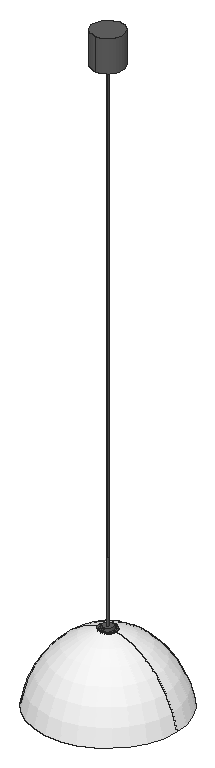
Revit family "Justerbar Lab Pendle_Bole_Moon", category Lighting Fixtures, Revit 2021
Family settings
  Round Connector Dimension = Use Diameter
  Part Type = Normal
  OmniClass Number = 23.80.70.00
  OmniClass Title = Lighting
  Work Plane-Based = No
  Always vertical = Yes
  Cut with Voids When Loaded = No
  Light Source = Yes
  Shared = No
  Room Calculation Point = No
Parameters
  Wattage = 9.2903 W
  built-in parameter 1150110 = 1 (stored number, unit not read)
  built-in parameter 1114217 = 1 (stored number, unit not read)
  built-in parameter 1150109 = 1 (stored number, unit not read)
  built-in parameter 1150134 = (empty or 0)
  Spredning = "120"
  Pendle Wire = 3360 mm
  Offset from floor [instance] = 955.907 mm
  MacAdams = "< 3 SCDM"
  Lyskilde = "LED"
  Lumen = "660lm"
  Levetid = "L70 50.000 timer"
  Level Heigth [instance] = 3000 mm
  Kjøle metode = "Passiv"
  Frekvens Sekundærkilde = "> 1000 Hz"
  Frekvens = "50-60 Hz"
  Floor thickness [instance] = 300 mm
  Fargetemperatur = "2700K, 3000K,eller DW"
  Farger = "Sort"
  Effekt = "6W"
  Driftspenning = "220-240V"
  Distance from floor [instance] = 1463.987 mm
  Dimbar = "Dali eller Triac"
  CRI = ">90"
  Beskyttelsesgrad = "IP20"
  Pendel-lengde [instance] = Level Heigth - Floor thickness - Offset from floor  # 1744.093 mm
  built-in parameter 1150113 = 1 (stored number, unit not read)
  Lumens = 1380 lm
  built-in parameter 1150115 = 1 (stored number, unit not read)
  built-in parameter 1150105 = 109.82 (stored number, unit not read)
  Light Source Symbol Size = 609.6 mm
  built-in parameter 1150137 = (empty or 0)
  built-in parameter 1150139 = (empty or 0)
  built-in parameter 1150112 = 1 (stored number, unit not read)
  built-in parameter 1150114 = 1 (stored number, unit not read)
  built-in parameter 1150132 = 2
  built-in parameter 1150102 = (empty or 0)
  built-in parameter 1150138 = (empty or 0)
  built-in parameter 1150107 = 3000 (stored number, unit not read)
  built-in parameter 1150106 = 1.0982 (stored number, unit not read)
  built-in parameter 1150104 = 13.8 (stored number, unit not read)
  Dimming Lamp Color Temperature Shift = (empty or 0)
  Default Elevation = 0 mm
  Color Filter = 16777215
  built-in parameter 1114218 = 1 (stored number, unit not read)
  built-in parameter 1150133 = 10 (stored number, unit not read)
Reference planes
  plane 1 "Light Source Axis (F/B)": y = 0
  plane 2: z = 0
  plane 3 "Light Source Axis (L/R)": x = 0
  plane 4 "Light Source Elevation": z = 1044.424
  plane 5 "Tak": z = 2700
  plane 6: z = 2610
  plane 7: z = 2603
  plane 8: z = 0.033
  plane 9: z = 3000
  plane 10: z = 1339.004
  plane 11: z = 1044.424
  plane 12: z = 955.907
  plane 13: z = 955.907
Forms (mm)
  Extrusion 1, solid, material "Default New Material"
    sketch origin (0, 0, 589.968) x (0, 1, 0) y (-1, 0, 0)
      loop
        circle (0, 0) r 42.5
    from 2020.032 to 2110.032
  Extrusion 2, solid, material "Default New Material"
    sketch origin (0, 0, 589.968) x (0, 1, 0) y (-1, 0, 0)
      loop
        circle (0, 0) r 6
    from 2013.032 to 2020.032
  Extrusion 3, solid, material "Default New Material"
    sketch origin (0, 0, 589.968) x (0, 1, 0) y (-1, 0, 0)
      loop
        circle (0, 0) r 2.031
    from 749.036 to 2013.032
Dimensions and locks
  Extrusion 1 to Extrusion 1 to Extrusion 2 = 90 mm locked, 7 mm locked
  locked: plane 6 to plane 5 "Tak" at 90
  locked: plane 7 to plane 6 at 7
  "Floor thickness": plane 5 "Tak" to plane 9
  "Level Heigth": level to plane 9
  locked: plane 11 to plane 10 at 294.58
  "Offset from floor": level to plane 12
  locked: plane 12 to plane 11 at 88.517
  locked: plane 13 to plane 4 "Light Source Elevation" at 88.517
  aligned and locked: plane 4 "Light Source Elevation" to imposter light
  aligned and locked: level to plane 2
  aligned and locked: plane 5 "Tak" to Extrusion 1
  aligned and locked: Extrusion 1 to plane 6
  aligned and locked: Extrusion 2 to Extrusion 1
  aligned and locked: Extrusion 2 to Extrusion 3
  aligned and locked: plane 7 to Extrusion 3
  aligned and locked: Extrusion 2 to plane 7
  aligned and locked: plane 6 to Extrusion 1
  aligned and locked: Extrusion 3 to plane 10
  aligned and locked: plane 10 to nested 1
  aligned and locked: plane 11 to nested 1
  aligned and locked: plane 4 "Light Source Elevation" to plane 11
  aligned and locked: plane 13 to nested 2
Automatic sketch dimensions
  plane 1 "Light Source Axis (F/B)" to Extrusion 1 sketch curve = 0 mm
  Extrusion 1 sketch curve to plane 3 "Light Source Axis (L/R)" = 0 mm
  plane 1 "Light Source Axis (F/B)" to Extrusion 2 sketch curve = 0 mm
  Extrusion 2 sketch curve to plane 3 "Light Source Axis (L/R)" = 0 mm
  plane 1 "Light Source Axis (F/B)" to Extrusion 3 sketch curve = 0 mm
  Extrusion 3 sketch curve to plane 3 "Light Source Axis (L/R)" = 0 mm
  radius of Extrusion 1 sketch curve = 42.5 mm
  radius of Extrusion 2 sketch curve = 6 mm
  radius of Extrusion 3 sketch curve = 2.031 mm
Nested families
  nested 1: "Bole" at (0, 0, 1000.004), type "Bole"
  nested 2: "Moon" at (0, 0, 958.005), type "Moon"
Definition of nested family "Bole"
  Parameters
    Wattage = 9.2903 W
    built-in parameter 1150110 = 1 (stored number, unit not read)
    built-in parameter 1114217 = 1 (stored number, unit not read)
    built-in parameter 1150109 = 1 (stored number, unit not read)
    built-in parameter 1150134 = 3
    built-in parameter 1150113 = 1 (stored number, unit not read)
    built-in parameter 1150105 = 109.82 (stored number, unit not read)
    Lumens = 1380 lm
    built-in parameter 1150115 = 1 (stored number, unit not read)
    Light Source Symbol Size = 609.6 mm
    built-in parameter 1150137 = (empty or 0)
    built-in parameter 1150139 = (empty or 0)
    built-in parameter 1150112 = 1 (stored number, unit not read)
    built-in parameter 1150114 = 1 (stored number, unit not read)
    built-in parameter 1150132 = (empty or 0)
    built-in parameter 1150102 = (empty or 0)
    built-in parameter 1150107 = 3200 (stored number, unit not read)
    built-in parameter 1150138 = (empty or 0)
    built-in parameter 1150106 = 1.0982 (stored number, unit not read)
    built-in parameter 1150104 = 13.8 (stored number, unit not read)
    Dimming Lamp Color Temperature Shift = (empty or 0)
    Default Elevation = 0 mm
    Color Filter = 16777215
    built-in parameter 1114218 = 1 (stored number, unit not read)
    built-in parameter 1150133 = 10 (stored number, unit not read)
  Reference planes
    plane 1 "Center (Front/Back)": y = 0
    plane 2: z = 0
    plane 3 "Center (Left/Right)": x = 0
    plane 4: z = 44.42
  Forms (mm)
    Extrusion 1, solid
      sketch origin (0, 0, 589.931) x (0, 1, 0) y (-1, 0, 0)
        loop
          circle (0, 0) r 3.032
      from -427.931 to -250.931
    Extrusion 2, solid
      sketch origin (0, 0, 589.931) x (0, 1, 0) y (-1, 0, 0)
        loop
          circle (0, 0) r 15
      from -434.931 to -427.931
    Revolve 3, solid
      sketch origin (0, 0, -3410.069) x (1, 0, 0) y (0, 0, 1)
        loop
          line (25, 3565.069) -> (21.832, 3565.069) -> (0, 3565.069) -> (0, 3533.751) -> (21.832, 3533.751) -> (21.832, 3499.069) -> (25, 3499.069) -> (25, 3565.069)
        axis (0, 3499.069) -> (0, 3565.069)
      angle from 0 to 360
    Revolve 4, solid
      sketch origin (0, 0, -3410.069) x (1, 0, 0) y (0, 0, 1)
        loop
          line (0, 3533.166) -> (0, 3499) -> (21.729, 3499) -> (21.729, 3533.166) -> (0, 3533.166)
        axis (0, 3499) -> (0, 3533.166)
      angle from 0 to 360
    Revolve 5, solid
      sketch origin (0, 0, -3410.069) x (1, 0, 0) y (0, 0, 1)
        loop
          line (21.729, 3499) -> (19.413, 3499)
          arc (19.413, 3499) -> (45.398, 3447.155) -> (0, 3411.069) r 46.006
          line (0, 3411.069) -> (0, 3410.069)
          arc (0, 3410.069) -> (46.138, 3445.916) -> (21.729, 3499) r 47.007
        axis (0, 3410.069) -> (0, 3499)
      angle from 0 to 360
  Dimensions and locks
    Revolve 5 sketch curve to Revolve 3 = 89 mm
    aligned and locked: level to plane 2
    aligned and locked: Extrusion 1 to Extrusion 2
    aligned and locked: Extrusion 2 to Revolve 3
Definition of nested family "Moon"
  Parameters
    Default Elevation = 0 mm
  Reference planes
    plane 1 "Center (Front/Back)": y = 0
    plane 2: z = 0
    plane 3 "Center (Left/Right)": x = 0
  Forms (mm)
    Revolve 1, solid
      sketch origin (-0.252, -0.194, -3312.104) x (1, 0, 0) y (0, 0, 1)
        loop
          arc (25, 3509.102) -> (25.644, 3508.514) -> (26.429, 3508.135) r 3.01
          arc (26.429, 3508.135) -> (139.323, 3434.188) -> (196.843, 3312.104) r 248.227
          arc (196.843, 3312.104) -> (197.192, 3311.025) -> (197.689, 3310.005) r 8.093
          arc (197.689, 3310.005) -> (139.883, 3434.307) -> (25, 3509.102) r 248.727
        axis (0, 3310.005) -> (0, 3509.102)
      angle from 0 to 360
  Dimensions and locks
    aligned and locked: level to plane 2
